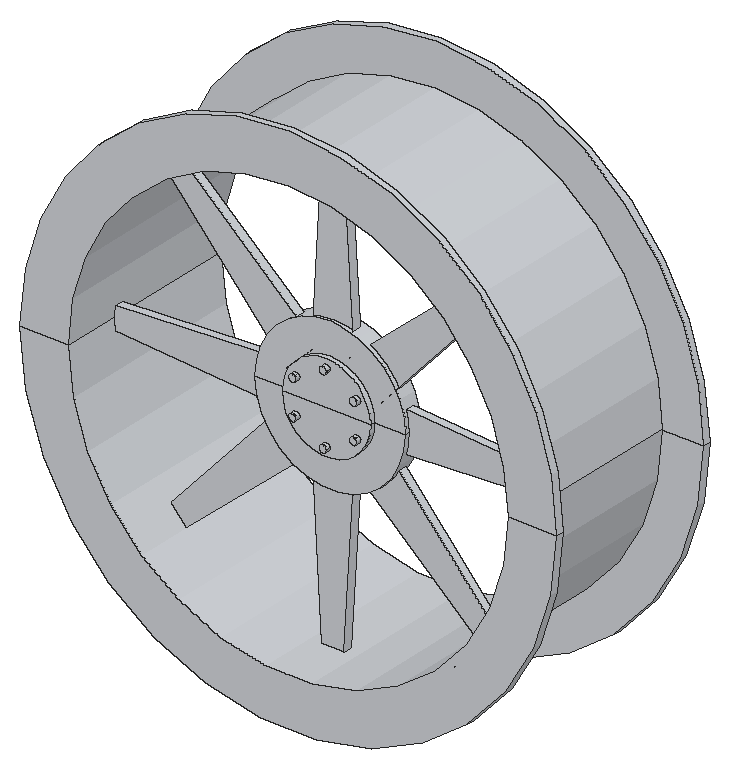
Revit family "CADS_Vent-Axia_MechEquip_Fan_VSC_SabreSickleShortCased_1Ph4P - SUPPLY", category Mechanical Equipment, Revit 2020
Family settings
  Round Connector Dimension = Use Diameter
  Part Type = Normal
  OmniClass Number = 23.75.00.00
  OmniClass Title = Climate Control (HVAC)
  Work Plane-Based = No
  Always vertical = Yes
  Cut with Voids When Loaded = No
  Shared = No
  Room Calculation Point = No
Parameters (values of type "VSC31514B")
  WorkingPressure = 0.0 Pa
  WarrantyStartDate [instance] = "1900-12-31T23:59:59"
  WarrantyPeriod = ""
  WarrantyIdentifier = "N/A"
  WarrantyGuarantorParts = "tech@vent-axia.com"
  WarrantyGuarantorLabor = "tech@vent-axia.com"
  WarrantyGuarantor = "Vent-Axia Limited"
  WarrantyEndDate [instance] = "1900-12-31T23:59:59"
  WarrantyContent = ""
  TemperatureRange = ""
  TagNumber [instance] = "N/A"
  SustainabilityPerformance = ""
  Status = "New"
  Size = ""
  Shape = ""
  ServiceLifeType = ""
  ServiceLifeDuration = ""
  SerialNumber [instance] = "N/A"
  ReplacementCost = ""
  RatedVoltage = 0 V
  RatedCurrent = 0 A
  Quantity = 1
  ProductionYear = ""
  PressureCurve = ""
  PowerFactor = ""
  PointOfContact = ""
  NumberOfPoles = 0
  NominalWidth = 315 mm
  NominalLength = 136.5 mm
  NominalHeight = 315 mm
  NominalFrequencyRange = ""
  NominalDiameter = 315 mm
  ModelReference = "315MM 1PH 4P CASED FAN FN031-4EF.WD.V7 169503"
  ModelNumber = "VSC31514B"
  Material = ""
  ManufacturerE-Mail = "tech@vent-axia.com"
  ManufacturerAddress = "Fleming Way\nCrawley \nRH10 9YX"
  IsExtendedWarranty = no
  InsulationStandardClass = ""
  InstallationDate [instance] = "1900-12-31T23:59:59"
  IfcExportType [instance] = ""
  IfcExportAs = "IfcFanType"
  IP_Code = ""
  HasProtectiveEarth = no
  GrossWeight = 0.00 kg
  Grade = ""
  GlobalTradeItemNumber [instance] = "N/A"
  Fitting Type = "Ignore"
  Finish = ""
  Features = ""
  ExteriorInsulation = no
  ExpectedServiceLife = 0
  Exclusions = ""
  DurationUnit = "Year"
  Default Elevation = 0 mm
  Constituents = ""
  ConductorFunction = ""
  Color = ""
  CodePerformance = ""
  Category = ""
  CADS_Usage = 0
  CADS_Index = 0
  AssetType = "FIXED"
  AssetIdentifier [instance] = "N/A"
  AssemblyPlace = "UNKNOWN"
  ArticleNumber [instance] = "N/A"
  AirflowRateRange = 0.0 L/s
  Air Flow [instance] = 0.0 L/s
  AccessibilityPerformance = ""
Types (7, lengths in mm): name | NominalWidth | NominalLength | NominalHeight | NominalDiameter | ModelReference | ModelNumber
  VSC31514B | 315 | 136.5 | 315 | 315 | "315MM 1PH 4P CASED FAN FN031-4EF.WD.V7 169503" | "VSC31514B"
  VSC35514B | 355 | 136.5 | 355 | 355 | "355MM 1PH 4P CASED FAN FN035-4EF.WD.A7 169506" | "VSC35514B"
  VSC40014A | 400 | 155 | 400 | 400 | "OWLET SICKLE CASED FAN 400DIA 1PH 4 POLE" | "VSC40014A"
  VSC45014B | 450 | 160 | 450 | 450 | "450MM 1PH 4P CASED FAN FN045-4EF.4I.V7P1 169507" | "VSC45014B"
  VSC50014B | 500 | 166 | 500 | 500 | "500MM 1PH 4P CASED FAN FN050-4EF.4I.V7P1 169621" | "VSC50014B"
  VSC56014B | 560 | 210 | 560 | 560 | "560MM 1PH 4P CASED FAN FN056-4EF.6K.A7P3 169512" | "VSC56014B"
  VSC63014B | 630 | 225.5 | 630 | 630 | "630MM 1PH 4P CASED FAN FN063-4EF.6N.A7P6 169518" | "VSC63014B"
Reference planes
  plane 1 "Center (Front/Back)": y = 0
  plane 2: z = 0
  plane 3 "Center (Left/Right)": x = 0
  plane 4: x = -157.5
  plane 5: x = 157.5
  plane 6 "F": y = -68.25
  plane 7 "B": y = 68.25
  plane 8: x = -192.5
  plane 9: y = 63.25
  plane 10: y = -63.25
  plane 11: x = -162.5
  plane 12: y = -28.25
  plane 13 "top": z = 157.5
  plane 14: z = -157.5
Forms (mm)
  Revolve 1, solid
    sketch origin (0, 0, 0) x (1, 0, 0) y (0, 1, 0)
      loop
        line (-192.5, -68.25) -> (-157.5, -68.25) -> (-157.5, 68.25) -> (-192.5, 68.25) -> (-192.5, 63.25) -> (-162.5, 63.25) -> (-162.5, -63.25) -> (-192.5, -63.25) -> (-192.5, -68.25)
      axis (0, 68.25) -> (0, -68.25)
    angle from 0 to 360
Dimensions and locks
  equal spacing: plane 4, plane 3 "Center (Left/Right)", plane 5
  equal spacing: plane 7 "B", plane 1 "Center (Front/Back)", plane 6 "F"
  "NominalLength": plane 7 "B" to plane 6 "F"
  "NominalDiameter": plane 4 to plane 5
  locked: plane 11 to plane 4 at 5
  locked: plane 8 to plane 11 at 30
  locked: plane 6 "F" to plane 10 at 5
  locked: plane 7 "B" to plane 9 at 5
  locked: plane 6 "F" to plane 12 at 40
  equal spacing: plane 13 "top", level, plane 14
  "NominalDiameter": plane 13 "top" to plane 14
  aligned and locked: level to plane 2
  aligned and locked: nested 1 to plane 12
Automatic sketch dimensions
  plane 6 "F" to Revolve 1 sketch curve = 0 mm
  Revolve 1 sketch curve to plane 8 = 0 mm  (x2)
  plane 10 to Revolve 1 sketch curve = 0 mm
  Revolve 1 sketch curve to plane 11 = 0 mm
  Revolve 1 sketch curve to plane 4 = 0 mm
  Revolve 1 sketch curve to plane 3 "Center (Left/Right)" = 0 mm
  plane 1 "Center (Front/Back)" to Revolve 1 sketch curve = 0 mm
  Revolve 1 sketch curve to plane 9 = 0 mm
  Revolve 1 sketch curve to plane 7 "B" = 0 mm
  plane 6 "F" to Revolve 1 sketch curve = 115 mm
Nested families
  nested 1: "Fan for ESC" at (0, -28.25, 0), ND <- "NominalDiameter", type "Fan for ESC"
    with hub 31.5 mm, ND 315 mm, BoltPCD 25.2 mm, Bolt Count 6, B_Diam 5 mm
  nested 2: "Bolts" at (21.824, -37.422, -12.6) x (-0.5, 0, -0.866) z (0, 1, 0), type "Bolts"
    with bd 5 mm
  nested 3: "Bolts" at (0, -37.422, -25.2) x (-1, 0, 0) z (0, 1, 0), type "Bolts"
    with bd 5 mm
  nested 4: "Bolts" at (-21.824, -37.422, -12.6) x (-0.5, 0, 0.866) z (0, 1, 0), type "Bolts"
    with bd 5 mm
  nested 5: "Bolts" at (-21.824, -37.422, 12.6) x (0.5, 0, 0.866) z (0, 1, 0), type "Bolts"
    with bd 5 mm
  nested 6: "Bolts" at (21.824, -37.422, 12.6) x (0.5, 0, -0.866) z (0, 1, 0), type "Bolts"
    with bd 5 mm
  nested 7: "Bolts" at (0, -37.422, 25.2) x (1, 0, 0) z (0, 1, 0), type "Bolts"
    with bd 5 mm
  nested 8: "ESC Blade" at (0, -28.25, 0), type "ESC Blade"
    with a 20.00°, HR 31.5 mm, HD 63 mm, BT 15.75 mm, BR 126 mm, BH 40 mm, BD 315 mm, BB 31.5 mm
  nested 9: "ESC Blade" at (0, -28.25, 0) x (0.7071, 0, -0.7071) z (0.7071, 0, 0.7071), type "ESC Blade"
    with a 20.00°, HR 31.5 mm, HD 63 mm, BT 15.75 mm, BR 126 mm, BH 40 mm, BD 315 mm, BB 31.5 mm
  nested 10: "ESC Blade" at (0, -28.25, 0) x (0, 0, -1) z (1, 0, 0), type "ESC Blade"
    with a 20.00°, HR 31.5 mm, HD 63 mm, BT 15.75 mm, BR 126 mm, BH 40 mm, BD 315 mm, BB 31.5 mm
  nested 11: "ESC Blade" at (0, -28.25, 0) x (-0.7071, 0, -0.7071) z (0.7071, 0, -0.7071), type "ESC Blade"
    with a 20.00°, HR 31.5 mm, HD 63 mm, BT 15.75 mm, BR 126 mm, BH 40 mm, BD 315 mm, BB 31.5 mm
  nested 12: "ESC Blade" at (0, -28.25, 0) x (-1, 0, 0) z (0, 0, -1), type "ESC Blade"
    with a 20.00°, HR 31.5 mm, HD 63 mm, BT 15.75 mm, BR 126 mm, BH 40 mm, BD 315 mm, BB 31.5 mm
  nested 13: "ESC Blade" at (0, -28.25, 0) x (-0.7071, 0, -0.7071) z (-0.7071, 0, 0.7071), type "ESC Blade"
    with a 20.00°, HR 31.5 mm, HD 63 mm, BT 15.75 mm, BR 126 mm, BH 40 mm, BD 315 mm, BB 31.5 mm
  nested 14: "ESC Blade" at (0, -28.25, 0) x (0, 0, -1) z (-1, 0, 0), type "ESC Blade"
    with a 20.00°, HR 31.5 mm, HD 63 mm, BT 15.75 mm, BR 126 mm, BH 40 mm, BD 315 mm, BB 31.5 mm
  nested 15: "ESC Blade" at (0, -28.25, 0) x (0.7071, 0, -0.7071) z (-0.7071, 0, -0.7071), type "ESC Blade"
    with a 20.00°, HR 31.5 mm, HD 63 mm, BT 15.75 mm, BR 126 mm, BH 40 mm, BD 315 mm, BB 31.5 mm
Connectors
  hvac at (0, -68.25, 0), driven by "NominalDiameter", driven by "Air Flow"
    settings: on Revolve 1, index 1, duct flow 0.0 L/s, flow factor 0, pres drop 0.0 Pa, loss coef 0, conn angle 0.00°, conn width 304.8 mm, conn height 304.8 mm, conn diameter 315 mm, duct sys type 1, conn prof type 0, flow config 1, flow direction 1, loss method 0, conn ref index -1, conn util no, is conn primary yes, conn desc ""
  hvac at (0, 68.25, 0), driven by "NominalDiameter", driven by "Air Flow"
    settings: on Revolve 1, index 2, duct flow 0.0 L/s, flow factor 0, pres drop 0.0 Pa, loss coef 0, conn angle 0.00°, conn width 304.8 mm, conn height 304.8 mm, conn diameter 315 mm, duct sys type 1, conn prof type 0, flow config 0, flow direction 2, loss method 0, conn ref index -1, conn util no, is conn primary no, conn desc ""
Definition of nested family "Fan for ESC"
  Parameters (values of type "Fan for ESC")
    hub [instance] = ND / 10  # 56.7 mm
    ND [instance] = 567 mm
    Model = "."
    Default Elevation = 0 mm
    BoltPCD [instance] = hub - (hub * 0.2)  # 45.36 mm
    Bolt Count [instance] = if(hub < 50 mm, 6, 8)  # 8
    B_Diam [instance] = if(hub < 50 mm, 5 mm, 10 mm)  # 10 mm
  Reference planes
    plane 1 "Center (Front/Back)": y = 0
    plane 2: z = 0
    plane 3 "Center (Left/Right)": x = 0
    plane 4 "back": y = 20
    plane 5 "bolts": y = -9.172
    plane 6 "B": z = 56.7
    plane 7: x = -79.287
    plane 8: x = -56.7
    plane 9 "hubface": y = -6.172
  Forms (mm)
    Revolve 1, solid
      sketch origin (0, 0, 0) x (1, 0, 0) y (0, 1, 0)
        loop
          line (0, 20) -> (-56.7, 20) -> (-56.7, 10.504) -> (-79.287, 10.504) -> (-79.287, -2.597) -> (-56.7, -2.597) -> (-56.7, -6.172) -> (0, -6.172) -> (0, 20)
        axis (0, 20) -> (0, -6.172)
      angle from 0 to 360
    Extrusion 2, solid, not visible
      sketch origin (0, -6.347, -4) x (-1, 0, 0) y (0, 0, 1)
        loop
          circle (0, 84) r 5
      from 0 to 3
  Lines and regions (mm)
    symbolic lines
      curve 1: circle (0, -9.172, 0) r 45.36 normal (0, 1, 0)
    model lines, not visible
      curve 2: line (0, -6.347, 85) -> (0, -6.347, 75)
  Dimensions and locks
    "hub": plane 6 "B" to plane 2
    "hub": nested 3 to plane 3 "Center (Left/Right)"
    "hub": nested 4 to plane 3 "Center (Left/Right)"
    "hub": nested 5 to plane 3 "Center (Left/Right)"
    "hub": plane 3 "Center (Left/Right)" to nested 6
    "hub": Revolve 1 sketch curve to Revolve 1 sketch curve
    "hub": plane 3 "Center (Left/Right)" to nested 7
    "hub": plane 3 "Center (Left/Right)" to nested 8
    "hub": plane 3 "Center (Left/Right)" to nested 9
    "hub": plane 8 to plane 3 "Center (Left/Right)"
    plane 7 to plane 8 = 22.587 mm
    diameter of Extrusion 2 sketch curve = 10 mm
    "BoltPCD": radius of curve 1
    "BoltPCD": radius of radial array
    aligned and locked: level to plane 2
    aligned and locked: plane 6 "B" to nested 1
  Automatic sketch dimensions
    Revolve 1 sketch curve to plane 7 = 0 mm
    Revolve 1 sketch curve to plane 8 = 0 mm  (x2)
    Revolve 1 sketch curve to plane 3 "Center (Left/Right)" = 0 mm
    Revolve 1 sketch curve to plane 9 "hubface" = 0 mm
    plane 4 "back" to Revolve 1 sketch curve = 0 mm
    plane 1 "Center (Front/Back)" to Revolve 1 sketch curve = 2.597 mm
    plane 4 "back" to Revolve 1 sketch curve = 9.496 mm
    Revolve 1 sketch curve to Revolve 1 sketch curve = 5 mm
    Revolve 1 sketch curve to plane 4 "back" = 45 mm
    curve 1 to level = 0 mm
    curve 1 to plane 3 "Center (Left/Right)" = 0 mm
  Nested families
    nested 1: "ESC Blade" at (0, 0, 0), BD <- "ND", HD <- "hub", type "ESC Blade"
      with a 20.00°, HR 56.7 mm, HD 113.4 mm, BT 28.35 mm, BR 226.8 mm, BH 40 mm, BD 567 mm, BB 56.7 mm
    nested 2: "ESC Blade" at (0, 0, 755), BD <- "ND", HD <- "hub", type "ESC Blade", not visible
      with a 20.00°, HR 56.7 mm, HD 113.4 mm, BT 28.35 mm, BR 226.8 mm, BH 40 mm, BD 567 mm, BB 56.7 mm
    nested 3: "ESC Blade" at (0, 0, 0) x (0.7071, 0, -0.7071) z (0.7071, 0, 0.7071), BD <- "ND", HD <- "hub", type "ESC Blade"
      with a 20.00°, HR 56.7 mm, HD 113.4 mm, BT 28.35 mm, BR 226.8 mm, BH 40 mm, BD 567 mm, BB 56.7 mm
    nested 4: "ESC Blade" at (0, 0, 0) x (0, 0, -1) z (1, 0, 0), BD <- "ND", HD <- "hub", type "ESC Blade"
      with a 20.00°, HR 56.7 mm, HD 113.4 mm, BT 28.35 mm, BR 226.8 mm, BH 40 mm, BD 567 mm, BB 56.7 mm
    nested 5: "ESC Blade" at (0, 0, 0) x (-0.7071, 0, -0.7071) z (0.7071, 0, -0.7071), BD <- "ND", HD <- "hub", type "ESC Blade"
      with a 20.00°, HR 56.7 mm, HD 113.4 mm, BT 28.35 mm, BR 226.8 mm, BH 40 mm, BD 567 mm, BB 56.7 mm
    nested 6: "ESC Blade" at (0, 0, 0) x (-1, 0, 0) z (0, 0, -1), BD <- "ND", HD <- "hub", type "ESC Blade"
      with a 20.00°, HR 56.7 mm, HD 113.4 mm, BT 28.35 mm, BR 226.8 mm, BH 40 mm, BD 567 mm, BB 56.7 mm
    nested 7: "ESC Blade" at (0, 0, 0) x (-0.7071, 0, -0.7071) z (-0.7071, 0, 0.7071), BD <- "ND", HD <- "hub", type "ESC Blade"
      with a 20.00°, HR 56.7 mm, HD 113.4 mm, BT 28.35 mm, BR 226.8 mm, BH 40 mm, BD 567 mm, BB 56.7 mm
    nested 8: "ESC Blade" at (0, 0, 0) x (0, 0, -1) z (-1, 0, 0), BD <- "ND", HD <- "hub", type "ESC Blade"
      with a 20.00°, HR 56.7 mm, HD 113.4 mm, BT 28.35 mm, BR 226.8 mm, BH 40 mm, BD 567 mm, BB 56.7 mm
    nested 9: "ESC Blade" at (0, 0, 0) x (0.7071, 0, -0.7071) z (-0.7071, 0, -0.7071), BD <- "ND", HD <- "hub", type "ESC Blade"
      with a 20.00°, HR 56.7 mm, HD 113.4 mm, BT 28.35 mm, BR 226.8 mm, BH 40 mm, BD 567 mm, BB 56.7 mm
    nested 10: "Bolts" at (0, -9.172, 45.36) x (1, 0, 0) z (0, 1, 0), bd <- "B_Diam", type "Bolts"
      with bd 10 mm
    nested 11: "Bolts" at (32.074, -9.172, 32.074) x (0.7071, 0, -0.7071) z (0, 1, 0), bd <- "B_Diam", type "Bolts"
      with bd 10 mm
    nested 12: "Bolts" at (-32.074, -9.172, 32.074) x (0.7071, 0, 0.7071) z (0, 1, 0), bd <- "B_Diam", type "Bolts"
      with bd 10 mm
    nested 13: "Bolts" at (-45.36, -9.172, 0) x (0, 0, 1) z (0, 1, 0), bd <- "B_Diam", type "Bolts"
      with bd 10 mm
    nested 14: "Bolts" at (-32.074, -9.172, -32.074) x (-0.7071, 0, 0.7071) z (0, 1, 0), bd <- "B_Diam", type "Bolts"
      with bd 10 mm
    nested 15: "Bolts" at (0, -9.172, -45.36) x (-1, 0, 0) z (0, 1, 0), bd <- "B_Diam", type "Bolts"
      with bd 10 mm
    nested 16: "Bolts" at (32.074, -9.172, -32.074) x (-0.7071, 0, -0.7071) z (0, 1, 0), bd <- "B_Diam", type "Bolts"
      with bd 10 mm
    nested 17: "Bolts" at (45.36, -9.172, 0) x (0, 0, -1) z (0, 1, 0), bd <- "B_Diam", type "Bolts"
      with bd 10 mm
  Definition of nested family "ESC Blade"
    Parameters (values of type "ESC Blade")
      a [instance] = 20.00°
      HR [instance] = HD / 2  # 30 mm
      HD [instance] = BD / 5  # 60 mm
      Default Elevation = 1219.2 mm
      BT [instance] = BD / 20  # 15 mm
      BR [instance] = (BD / 2) - HR  # 120 mm
      BH [instance] = 40 mm
      BD [instance] = 300 mm
      BB [instance] = BD / 10  # 30 mm
    Reference planes
      plane 1 "Center (Front/Back)": y = 0
      plane 2: z = 0
      plane 3 "Center (Left/Right)": x = 0
      plane 4 "Blade Bot": z = 30
      plane 5: x = -15
      plane 6: x = 15
      plane 7: x = -7.5
      plane 8: x = 7.5
    Forms (mm)
      Blend 1, solid
        base sketch origin (0, 0, 30) x (-1, 0, 0) y (0, -1, 0)
          loop
            line (15, 0) -> (-15, 0) -> (-15, -6) -> (15, -6) -> (15, 0)
        top sketch origin (0, 0, 30) x (-1, 0, 0) y (0, -1, 0)
          loop
            line (7.5, -6) -> (7.5, 0) -> (-7.5, 0) -> (-7.5, -6) -> (7.5, -6)
        from 0 to 120 <- "BR"
    Dimensions and locks
      "HR": plane 4 "Blade Bot" to level
      equal spacing: plane 8, plane 3 "Center (Left/Right)", plane 7
      "BT": plane 8 to plane 7
      equal spacing: plane 6, plane 3 "Center (Left/Right)", plane 5
      "BB": plane 6 to plane 5
      aligned and locked: level to plane 2
    Automatic sketch dimensions
      plane 1 "Center (Front/Back)" to Blend 1 sketch curve = 0 mm  (x2)
      Blend 1 sketch curve to plane 6 = 0 mm
      Blend 1 sketch curve to plane 5 = 0 mm
      Blend 1 sketch curve to plane 1 "Center (Front/Back)" = 6 mm  (x2)
      Blend 1 sketch curve to plane 8 = 0 mm
      Blend 1 sketch curve to plane 7 = 0 mm
  Definition of nested family "Bolts"
    Parameters
      bd [instance] = 10 mm
      Default Elevation = 1219.2 mm
    Reference planes
      plane 1 "Center (Front/Back)": y = 0
      plane 2: z = 0
      plane 3 "Center (Left/Right)": x = 0
    Forms (mm)
      Extrusion 1, solid
        sketch origin (0, 0, 0) x (1, 0, 0) y (0, 1, 0)
          loop
            line (-1219.2, 1219.2) -> (-1219.2, -1219.2) -> (1219.2, -1219.2) -> (1219.2, 1219.2) -> (-1219.2, 1219.2)
        from 0 to -304.8
      Extrusion 2, solid
        sketch origin (0, 0, 0) x (1, 0, 0) y (0, 1, 0)
          loop
            circle (0, 0) r 5
        from 0 to 3
    Dimensions and locks
      "bd": diameter of Extrusion 2 sketch curve
      aligned and locked: plane 2 to Extrusion 1
      aligned and locked: level to Extrusion 1
    Automatic sketch dimensions
      Extrusion 1 sketch curve to Extrusion 1 sketch curve = 2438.4 mm  (x2)
      plane 1 "Center (Front/Back)" to Extrusion 2 sketch curve = 0 mm
      Extrusion 2 sketch curve to plane 3 "Center (Left/Right)" = 0 mm
Definition of nested family "Bolts"
  Parameters
    bd [instance] = 10 mm
    Default Elevation = 1219.2 mm
  Reference planes
    plane 1 "Center (Front/Back)": y = 0
    plane 2: z = 0
    plane 3 "Center (Left/Right)": x = 0
  Forms (mm)
    Extrusion 1, solid
      sketch origin (0, 0, 0) x (1, 0, 0) y (0, 1, 0)
        loop
          line (-1219.2, 1219.2) -> (-1219.2, -1219.2) -> (1219.2, -1219.2) -> (1219.2, 1219.2) -> (-1219.2, 1219.2)
      from 0 to -304.8
    Extrusion 2, solid
      sketch origin (0, 0, 0) x (1, 0, 0) y (0, 1, 0)
        loop
          circle (0, 0) r 5
      from 0 to 3
  Dimensions and locks
    "bd": diameter of Extrusion 2 sketch curve
    aligned and locked: plane 2 to Extrusion 1
    aligned and locked: level to Extrusion 1
  Automatic sketch dimensions
    Extrusion 1 sketch curve to Extrusion 1 sketch curve = 2438.4 mm  (x2)
    plane 1 "Center (Front/Back)" to Extrusion 2 sketch curve = 0 mm
    Extrusion 2 sketch curve to plane 3 "Center (Left/Right)" = 0 mm
Definition of nested family "ESC Blade"
  Parameters (values of type "ESC Blade")
    a [instance] = 20.00°
    HR [instance] = HD / 2  # 30 mm
    HD [instance] = BD / 5  # 60 mm
    Default Elevation = 1219.2 mm
    BT [instance] = BD / 20  # 15 mm
    BR [instance] = (BD / 2) - HR  # 120 mm
    BH [instance] = 40 mm
    BD [instance] = 300 mm
    BB [instance] = BD / 10  # 30 mm
  Reference planes
    plane 1 "Center (Front/Back)": y = 0
    plane 2: z = 0
    plane 3 "Center (Left/Right)": x = 0
    plane 4 "Blade Bot": z = 30
    plane 5: x = -15
    plane 6: x = 15
    plane 7: x = -7.5
    plane 8: x = 7.5
  Forms (mm)
    Blend 1, solid
      base sketch origin (0, 0, 30) x (-1, 0, 0) y (0, -1, 0)
        loop
          line (15, 0) -> (-15, 0) -> (-15, -6) -> (15, -6) -> (15, 0)
      top sketch origin (0, 0, 30) x (-1, 0, 0) y (0, -1, 0)
        loop
          line (7.5, -6) -> (7.5, 0) -> (-7.5, 0) -> (-7.5, -6) -> (7.5, -6)
      from 0 to 120 <- "BR"
  Dimensions and locks
    "HR": plane 4 "Blade Bot" to level
    equal spacing: plane 8, plane 3 "Center (Left/Right)", plane 7
    "BT": plane 8 to plane 7
    equal spacing: plane 6, plane 3 "Center (Left/Right)", plane 5
    "BB": plane 6 to plane 5
    aligned and locked: level to plane 2
  Automatic sketch dimensions
    plane 1 "Center (Front/Back)" to Blend 1 sketch curve = 0 mm  (x2)
    Blend 1 sketch curve to plane 6 = 0 mm
    Blend 1 sketch curve to plane 5 = 0 mm
    Blend 1 sketch curve to plane 1 "Center (Front/Back)" = 6 mm  (x2)
    Blend 1 sketch curve to plane 8 = 0 mm
    Blend 1 sketch curve to plane 7 = 0 mm
